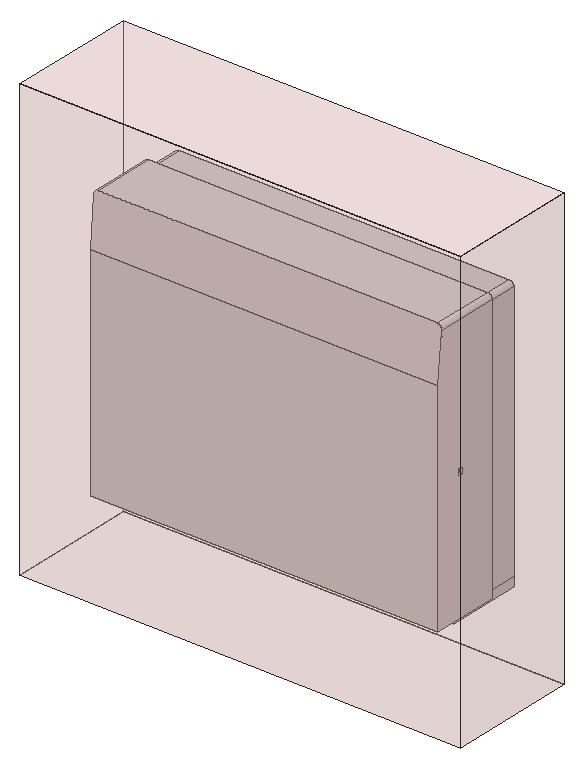
Revit family "MFZ-KT35VG-E1(ET1)", category Mechanical Equipment, Revit 2016
Family settings
  Part Type = Normal
  Round Connector Dimension = Use Radius
  OmniClass Number = 23.75.00.00
  OmniClass Title = Climate Control (HVAC)
  Work Plane-Based = No
  Always vertical = Yes
  Cut with Voids When Loaded = No
  Shared = No
  Room Calculation Point = No
Parameters (values of type "MFZ-KT35VG-E1 (ET1)")
  Width (mm) = 750.000 mm
  Model = "MFZ-KT35VG"
  Voltage = 230 V
  Unit Weight (kg) = 14.5
  URL = "http://www.mitsubishielectric.com/"
  Subcategory = "HVAC"
  Space View = yes
  Remote Controller Model = "SG191"
  Phase = 1
  Manufacturer = "Mitsubishi Electric Corporation"
  Liquid pipe_radius (mm) = 3.175 mm
  Hertz = 50 Hz
  Height (mm) = 600.000 mm
  Heating Sound Level 2_Super Hgh (db(A)) = 44
  Heating Sound Level 2_Silent (dB(A)) = 24
  Heating Sound Level 2_Med. (db(A)) = 34
  Heating Sound Level 2_Low (db(A)) = 28
  Heating Sound Level 2_Hgh (db(A)) = 39
  Heating Sound Level 1_Super Hgh (db(A)) = 44
  Heating Sound Level 1_Silent (dB(A)) = 19
  Heating Sound Level 1_Med. (db(A)) = 30
  Heating Sound Level 1_Low (db(A)) = 23
  Heating Sound Level 1_Hgh (db(A)) = 37
  Heating Running Current (A) = 0.2
  Heating Power Input (W) = 24 W
  Heating Fan Speed 2_Super High (rpm) = 1080
  Heating Fan Speed 2_Silent (rpm) = 550
  Heating Fan Speed 2_Med. (rpm) = 750
  Heating Fan Speed 2_Low (rpm) = 620
  Heating Fan Speed 2_High (rpm) = 900
  Heating Fan Speed 1_Super High (rpm) = 1080
  Heating Fan Speed 1_Silent (rpm) = 480
  Heating Fan Speed 1_Med. (rpm) = 690
  Heating Fan Speed 1_Low (rpm) = 530
  Heating Fan Speed 1_High (rpm) = 850
  Heating Fan Motor Current (A) = 0.17
  Heating Air Flow 2_Super High (m3/h) = 582
  Heating Air Flow 2_Silent (m3/h) = 252
  Heating Air Flow 2_Med. (m3/h) = 378
  Heating Air Flow 2_Low (m3/h) = 294
  Heating Air Flow 2_High (m3/h) = 468
  Heating Air Flow 1_Super High (m3/h) = 582
  Heating Air Flow 1_Silent (m3/h) = 210
  Heating Air Flow 1_Med. (m3/h) = 336
  Heating Air Flow 1_Low (m3/h) = 240
  Heating Air Flow 1_High (m3/h) = 438
  Gas pipe_radius (mm) = 4.760 mm
  Fan Speed Regulator = "5"
  Fan Motor Model = "RC0J30-Q#"
  Drain pipe_radius (mm) = 8.000 mm
  Depth (mm) = 215.000 mm
  Cooling Sound Level 2_Super High (db(A)) = 43
  Cooling Sound Level 2_Silent (db(A)) = 23
  Cooling Sound Level 2_Med. (db(A)) = 33
  Cooling Sound Level 2_Low (db(A)) = 28
  Cooling Sound Level 2_High (db(A)) = 38
  Cooling Sound Level 1_Super High (db(A)) = 41
  Cooling Sound Level 1_Silent (db(A)) = 19
  Cooling Sound Level 1_Med. (db(A)) = 31
  Cooling Sound Level 1_Low (db(A)) = 24
  Cooling Sound Level 1_High (db(A)) = 37
  Cooling Running Current (A) = 0.17
  Cooling Power Input (W) = 20 W
  Cooling Fan Speed 2_Super High (rpm) = 1010
  Cooling Fan Speed 2_Silent (rpm) = 550
  Cooling Fan Speed 2_Med. (rpm) = 770
  Cooling Fan Speed 2_Low (rpm) = 610
  Cooling Fan Speed 2_High (rpm) = 900
  Cooling Fan Speed 1_Super High (rpm) = 1000
  Cooling Fan Speed 1_Silent (rpm) = 520
  Cooling Fan Speed 1_Med. (rpm) = 770
  Cooling Fan Speed 1_Low (rpm) = 610
  Cooling Fan Speed 1_High (rpm) = 900
  Cooling Fan Motor Current (A) = 0.14
  Cooling Air Flow 2_Super High (m3/h) = 540
  Cooling Air Flow 2_Silent (m3/h) = 252
  Cooling Air Flow 2_Med. (m3/h) = 390
  Cooling Air Flow 2_Low (m3/h) = 288
  Cooling Air Flow 2_High (m3/h) = 468
  Cooling Air Flow 1_Super High (m3/h) = 534
  Cooling Air Flow 1_Silent (m3/h) = 234
  Cooling Air Flow 1_Med. (m3/h) = 390
  Cooling Air Flow 1_Low (m3/h) = 288
  Cooling Air Flow 1_High (m3/h) = 468
  Air Direction = "4"
Reference planes
  plane 1 "Center (Front/Back)": y = 0
  plane 2 "Outline_Base": z = 0
  plane 3 "Center (Left/Right)": x = 0
  plane 4 "Outline_TOP": z = 600
  plane 5: z = 11
  plane 6 "Outline_Back": y = 107.5
  plane 7 "Outline_Front": y = -107.5
  plane 8 "_": y = 37.5
  plane 9 "Outline_L": x = -375
  plane 10 "Outline_R": x = 375
  plane 11: y = -52.5
  plane 12: x = -328
  plane 13: x = 328
  plane 14 "Liquid_pipe": z = 165
  plane 15 "Gas_pipe": z = 205
  plane 16 "Gas_pipe_2": y = -23.5
  plane 17 "Under": z = -150
  plane 18 "Outline_R2": x = 365
  plane 19 "Outline_L2": x = -365
  plane 20: z = 303
  plane 21: z = 288
  plane 22: y = -40.5
  plane 23: y = -55.5
  plane 24 "Liquid_pipe_2": y = -45.5
  plane 25: z = 20
  plane 26: z = 590
  plane 27: y = 3.5
  plane 28: x = 290
  plane 29 "Drain": z = 127
  plane 30: z = 30
  plane 31: z = 90
  plane 32: y = 47.5
Forms (mm)
  Extrusion 1, solid, material "Paint_6.4Y 8.9/0.4"
    sketch origin (0, 0, 0) x (1, 0, 0) y (0, 0, 1)
      loop
        arc (-365, 600) -> (-372.071, 597.071) -> (-375, 590) r 10
        line (-375, 590) -> (-375, 11) -> (375, 11) -> (375, 590)
        arc (375, 590) -> (372.071, 597.071) -> (365, 600) r 10
        line (365, 600) -> (-365, 600)
    from -37.5 to 107.5
  Extrusion 2, solid, material "Paint_6.4Y 8.9/0.4"
    sketch origin (0, 0, 0) x (1, 0, 0) y (0, 0, 1)
      loop
        arc (-355, 589.969) -> (-362.071, 587.04) -> (-365, 579.969) r 10
        line (-365, 579.969) -> (-365, 20) -> (365, 20) -> (365, 579.969)
        arc (365, 579.969) -> (362.071, 587.04) -> (355, 589.969) r 10
        line (355, 589.969) -> (-355, 589.969)
    from -107.5 to -37.5
  Extrusion 3, void
    sketch origin (0, 0, 0) x (0, 1, 0) y (0, 0, 1)
      loop
        line (-97.546, 600) -> (-107.5, 600) -> (-107.5, 486.221) -> (-97.546, 600)
    from -590.472 to 630.587
  Extrusion 4, solid, material "Copper"
    sketch origin (0, 0, 0) x (1, 0, 0) y (0, 1, 0)
      loop
        circle (340, -23.5) r 4.8
    from 205 to 300
  Extrusion 5, solid, material "Copper"
    sketch origin (-30, 0, 0) x (1, 0, 0) y (0, 1, 0)
      loop
        circle (360, -45.5) r 3.2
    from 165 to 260
  Extrusion 6, solid, material "Service space", visible <- "Space View"
    sketch origin (-20, 0, 0) x (1, 0, 0) y (0, 1, 0)
      loop
        line (-455, 107.5) -> (-455, -171.923) -> (495, -171.923) -> (495, 107.5) -> (-455, 107.5)
    from -150 to 800
  Extrusion 7, void
    sketch origin (375, 0, 0) x (0, 1, 0) y (0, 0, 1)
      loop
        line (-55.5, 303) -> (-55.5, 288) -> (-40.5, 288) -> (-40.5, 303) -> (-55.5, 303)
    from -10 to 0
  Extrusion 8, solid, material "Paint_6.4Y 8.9/0.4"
    sketch origin (0, 0, 0) x (0, 1, 0) y (0, 0, 1)
      loop
        line (-52.5, 0) -> (107.5, 0) -> (107.5, 20) -> (37.5, 20) -> (37.5, 11) -> (-52.5, 11) -> (-52.5, 0)
    from -365 to 365
  Extrusion 9, solid
    sketch origin (0, 0, 127) x (0, -1, 0) y (1, 0, 0)
      loop
        circle (-3.5, 290) r 8
    from 0 to 120
Cuts and joins
  Extrusion 3, Extrusion 7 cuts Extrusion 1
  Extrusion 7 cuts Extrusion 6
Lines and regions (mm)
  model lines
    curve 1: line (-318, -97.546, 600) -> (-318, -105.757, 506.145)
    curve 2: line (318, -97.546, 600) -> (318, -105.757, 506.145)
    curve 3: line (-318, -105.757, 506.145) -> (318, -105.757, 506.145)
    curve 4: line (-328, -83.012, 600) -> (-328, 11.988, 600)
    curve 5: line (-328, 11.988, 600) -> (328, 11.988, 600)
    curve 6: line (328, 11.988, 600) -> (328, -83.012, 600)
    curve 7: line (-375, -107.5, 486.221) -> (375, -107.5, 486.221)
    curve 8: line (-328, -107.5, 188.545) -> (328, -107.5, 188.545)
    curve 9: line (-328, -107.5, 28.5) -> (-328, -107.5, 188.545)
    curve 10: line (328, -107.5, 28.5) -> (-328, -107.5, 28.5)
    curve 11: line (328, -107.5, 188.545) -> (328, -107.5, 28.5)
    curve 12: line (-328, -107.5, 168.545) -> (328, -107.5, 168.545)
    curve 13: line (-328, -107.5, 158.545) -> (328, -107.5, 158.545)
    curve 14: line (-328, -107.5, 178.545) -> (328, -107.5, 178.545)
    curve 15: line (-328, -107.5, 148.545) -> (328, -107.5, 148.545)
    curve 16: line (-328, -107.5, 138.545) -> (328, -107.5, 138.545)
    curve 17: line (-328, -107.5, 128.545) -> (328, -107.5, 128.545)
    curve 18: line (-328, -107.5, 118.545) -> (328, -107.5, 118.545)
    curve 19: line (-328, -107.5, 108.545) -> (328, -107.5, 108.545)
    curve 20: line (-328, -107.5, 98.545) -> (328, -107.5, 98.545)
    curve 21: line (-328, -107.5, 88.545) -> (328, -107.5, 88.545)
    curve 22: line (-328, -107.5, 78.545) -> (328, -107.5, 78.545)
    curve 23: line (-328, -107.5, 68.545) -> (328, -107.5, 68.545)
    curve 24: line (-328, -107.5, 58.545) -> (328, -107.5, 58.545)
    curve 25: line (-328, -107.5, 48.545) -> (328, -107.5, 48.545)
    curve 26: line (-328, -107.5, 38.545) -> (328, -107.5, 38.545)
    curve 27: line (-328, -107.5, 439.565) -> (328, -107.5, 439.565)
    curve 28: line (-328, -107.5, 429.565) -> (-328, -107.5, 439.565)
    curve 29: line (328, -107.5, 429.565) -> (-328, -107.5, 429.565)
    curve 30: line (328, -107.5, 439.565) -> (328, -107.5, 429.565)
    curve 33: line (365, 95.5, 0) -> (365, 95.5, 125)
    curve 34: line (365, 95.5, 125) -> (365, 107.5, 125)
    curve 35: line (365, 95.5, 90) -> (365, 67.5, 90)
    curve 36: line (365, 47.5, 70) -> (365, 47.5, 50)
    curve 37: line (365, 67.5, 30) -> (365, 95.5, 30)
    curve 38: arc (365, 67.5, 90) -> (365, 53.358, 84.142) -> (365, 47.5, 70) r 20
    curve 39: arc (365, 67.5, 30) -> (365, 53.358, 35.858) -> (365, 47.5, 50) r 20
    curve 40: line (-365, 95.5, 0) -> (-365, 95.5, 125)
    curve 41: line (-365, 95.5, 125) -> (-365, 107.5, 125)
    curve 42: line (-365, 95.5, 90) -> (-365, 67.5, 90)
    curve 43: line (-365, 47.5, 70) -> (-365, 47.5, 50)
    curve 44: line (-365, 67.5, 30) -> (-365, 95.5, 30)
    curve 45: arc (-365, 67.5, 90) -> (-365, 53.358, 84.142) -> (-365, 47.5, 70) r 20
    curve 46: arc (-365, 47.5, 50) -> (-365, 53.358, 35.858) -> (-365, 67.5, 30) r 20
    curve 47: line (218, 107.5, 589.969) -> (218, 107.5, 520)
    curve 48: line (218, 107.5, 520) -> (-245, 107.5, 520)
    curve 49: line (-245, 107.5, 520) -> (-245, 107.5, 589.969)
  reference lines
    curve 31: line (340, -18.74, 0) -> (340, -28.26, 0)
    curve 32: line (330, -48.675, 0) -> (330, -42.325, 0)
Dimensions and locks
  plane 13 to plane 12 = 656.000 mm
  plane 10 "Outline_R" to plane 13 = 47.000 mm
  plane 12 to plane 9 "Outline_L" = 47.000 mm
  plane 10 "Outline_R" to plane 9 "Outline_L" = 750.000 mm
  plane 4 "Outline_TOP" to level = 600.000 mm
  plane 7 "Outline_Front" to plane 6 "Outline_Back" = 215.000 mm
  plane 8 "_" to plane 6 "Outline_Back" = 70.000 mm
  level to plane 17 "Under" = 150.000 mm
  plane 9 "Outline_L" to Extrusion 6 = 100.000 mm
  Extrusion 6 to plane 10 "Outline_R" = 100.000 mm
  plane 19 "Outline_L2" to plane 18 "Outline_R2" = 730.000 mm
  plane 14 "Liquid_pipe" to level = 165.000 mm
  plane 15 "Gas_pipe" to level = 205.000 mm
  plane 20 to level = 303.000 mm
  plane 20 to cut or joined group of Extrusion 6, Extrusion 7 = 15.000 mm
  plane 16 "Gas_pipe_2" to plane 6 "Outline_Back" = 131.000 mm
  plane 24 "Liquid_pipe_2" to plane 6 "Outline_Back" = 153.000 mm
  plane 22 to plane 6 "Outline_Back" = 148.000 mm
  plane 23 to plane 22 = 15.000 mm
  plane 26 to plane 25 = 570.000 mm
  locked: plane 27 to plane 6 "Outline_Back" at 104
  plane 29 "Drain" to level = 127.000 mm
  curve 31 to plane 10 "Outline_R" = 35.000 mm
  curve 32 to plane 10 "Outline_R" = 45.000 mm
  plane 28 to plane 10 "Outline_R" = 85.000 mm
  plane 30 to level = 30.000 mm
  plane 31 to plane 30 = 60.000 mm
  curve 34 to plane 2 "Outline_Base" = 125.000 mm
  curve 33 to plane 6 "Outline_Back" = 12.000 mm
  plane 32 to plane 6 "Outline_Back" = 60.000 mm
  radius of Extrusion 4 sketch curve = 4.800 mm
  radius of Extrusion 5 sketch curve = 3.200 mm
  aligned and locked: level to plane 2 "Outline_Base"
Connectors
  electrical at (0, 0, 252.545), driven by "Phase", driven by "Voltage"
    settings: index 1, voltage 230 V, apparent load 0 VA, apparent load phase1 0 VA, apparent load phase2 0 VA, apparent load phase3 0 VA, power factor 1, load classification "HVAC", number of poles 1, system type 30, power factor state 1, is connector primary yes, connector utility no, sub classification motor no, connector description ""
  piping at (340, -23.5, 205), diameter 9.52, driven by "Gas pipe_radius (mm)"
    settings: on Extrusion 4, index 3, connector inside diameter 9.6 mm, connector length 0.000 mm, flow factor 0, pipe flow 0.0 L/s, pressure drop 0.0 Pa, fitting loss kfactor 0, connector angle 0.00°, fixture units 0, engagement length 0.000 mm, angle of deflection 0.00°, flow configuration 0, flow direction 0, fitting loss method 0, system type 22, joint type 0, gender type 0, connector reference index -1, connector utility 0, adjustable connector no, is connector primary yes, connector description "Gas pipe"
  piping at (330, -45.5, 165), diameter 6.35, driven by "Liquid pipe_radius (mm)"
    settings: on Extrusion 5, index 4, connector inside diameter 6.4 mm, connector length 0.000 mm, flow factor 0, pipe flow 0.0 L/s, pressure drop 0.0 Pa, fitting loss kfactor 0, connector angle 0.00°, fixture units 0, engagement length 0.000 mm, angle of deflection 0.00°, flow configuration 0, flow direction 0, fitting loss method 0, system type 22, joint type 0, gender type 0, connector reference index -1, connector utility 0, adjustable connector no, is connector primary no, connector description "Liquid pipe"
  piping at (290, 3.5, 127), diameter 16, driven by "Drain pipe_radius (mm)"
    settings: on Extrusion 9, index 5, connector inside diameter 609.6 mm, connector length 0.000 mm, flow factor 0, pipe flow 0.0 L/s, pressure drop 0.0 Pa, fitting loss kfactor 0, connector angle 0.00°, fixture units 0, engagement length 0.000 mm, angle of deflection 0.00°, flow configuration 0, flow direction 0, fitting loss method 0, system type 22, joint type 0, gender type 0, connector reference index -1, connector utility 0, adjustable connector no, is connector primary no, connector description "Drain"
